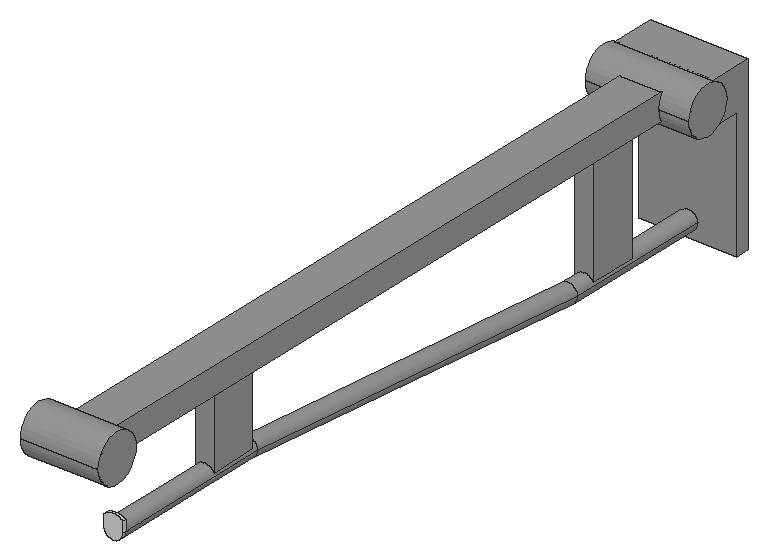
Revit family "KEUCO_34903012837", category Sonderausstattung, Revit 2016
Family settings
  Teiletyp = Normal
  Bemaßung runder Anschluss = Durchmesser verwenden
  Arbeitsebenenbasiert = Nein
  Immer vertikal = Ja
  Beim Laden mit Abzugskörper schneiden = Nein
  Gemeinsam genutzt = Nein
  Raumberechnungspunkt = Nein
Parameters
  Verwendung = "CA / WC"  # constant formula
  URL = "https://www.keuco.com"
  Preisgruppe = "1"  # constant formula
  Materialien bei Hersteller anfragen = "Anfrage zu:  objektmanagement@keuco.de"
  Länge = 850 mm
  Material Regal = Lichtgrau (RAL 7035)
  Serie = "Plan"  # constant formula
  Kategorie = "ACC"  # constant formula
  Hauptmaterial [instance] = Aluminium silber-eloxiert (E6 EV1)
  Hersteller = "KEUCO"  # constant formula
  Gewicht = 382
  Description = "--"
  Ausschreibungstext = ""
  Artikelnummer = "34903012837"
Types (7, lengths in mm): name | URL | Materialien bei Hersteller anfragen | Material Regal | Hauptmaterial | Description | Ausschreibungstext | Artikelnummer
  (no name) | "https://www.keuco.com" | "Anfrage zu:  objektmanagement@keuco.de" | Lichtgrau (RAL 7035) | Aluminium silber-eloxiert (E6 EV1) | "--" | "" | "34903012837"
  34903012837 | "https://www.keuco.com/de/produkte/sortiment/artikel/?pid=34903&oid=9&pgo=1&country=de&lang=de&vid=34903012837" | "Request to:  objektmanagement@keuco.de" | Schwarzgrau (7021) | Verchromt | "linke Ausführung\r\nmit integrierter Funk-WC-Spülauslösung,\r\nkomplett mit Folientaster und Batterie-Stromversorgung\r\n(SL-360 LTC Batterie) passend zu:\r\nGeberit:\r\n115.867.SN.5, 115.869.SN.5, 115.897.00.1, 115.898.00.1\r\nGrohe: 38 759 SD0\r\nSanit: 03.082.00..0000, 03.582.00..0000\r\nTece: 9.240.354, 9.240.355\r\nViega: 696 177\r\nGriff nach oben klappbar, gebremste Ausführung,\r\nAuflagefläche mit Kunststoff ummantelt,\r\nmit abnehmbarem Toilettenpapierhalter (mit Rollenbremse)" | "KEUCO PLAN CARE Stützklappgriff WC 34903012837 \r\nlinke Ausführung mit integrierter \r\nFunk-WC-Spülauslösung komplett mit Folientaster \r\nund Batterie-Stromversorgung (SL-360 LTC Batterie), \r\npassend zu:\r\nGeberit: 115.867.SN.5, 115.869.SN.5, 115.897.00.1, 115.898.00.1\r\nGrohe: 38 759 SD0\r\nSanit: 03.082.00..0000, 03.582.00..0000\r\nTece: 9.240.354, 9.240.355\r\nViega: 696 139, 696 149\r\nhochglanzverchromter Stützklappgriff \r\nmit kunststoffummantelter Auflagefläche \r\nin ästhetischem, funktionalem und ergonomischem Design,\r\nbesonders für den Einsatz im WC-Bereich,\r\nim Unterholm integrierter, \r\nabnehmbarer Toilettenpapierhalter mit Rollenbremse \r\nzur Verwendung handelsüblicher Toilettenpapierrollen,\r\nerfüllt die Anforderungen nach DIN 18040,\r\nklappbare, platzsparende Ausführung mit Absenkbremse,\r\nleicht zu reinigen, antistatisch,\r\nergonomisch günstige, breite Auflagefläche mit rutschsicherer, \r\nschwarzgrauer (RAL 7021) Kunststoffummantelung,\r\nerhabenes, taktil und optisch kontrastierendes Griffstück,\r\nUnterholm als Handtuchhalter nutzbar,\r\nAusladung 850 mm, Höhe 182 mm,\r\nBreite der Wandplatte 94 mm, \r\nBelastbar bis 100 kg am vordersten Punkt gem, DIN 18040,\r\nDer Griff ist Bauart geprüft,\r\nDer Stützklappgriff wird verdeckt angebracht,\r\n\r\nDas Befestigungsmaterial ist separat zu bestellen!\r\n\r\nZur Montage (je nach Ankergrund/Mauerwerk) unbedingt erforderlich:\r\n\r\n2 x Befestigungs-Set 2 (Art.-Nr. 34991000100) oder\r\n2 x Befestigungs-Set 5 (Art.-Nr. 34991000200) oder\r\n2 x Befestigungs-Set 8 (Art.-Nr. 34994000200) oder\r\n1 x Befestigungs-Set 10 (Art.-Nr. 34996000100)" | "34903012837"
  34903012838 | "https://www.keuco.com/de/produkte/sortiment/artikel/?pid=34903&oid=9&pgo=1&country=de&lang=de&vid=34903012838" | "Request to:  objektmanagement@keuco.de" | Lichtgrau (RAL 7035) | Verchromt | "linke Ausführung\r\nmit integrierter Funk-WC-Spülauslösung,\r\nkomplett mit Folientaster und Batterie-Stromversorgung\r\n(SL-360 LTC Batterie) passend zu:\r\nGeberit:\r\n115.867.SN.5, 115.869.SN.5, 115.897.00.1, 115.898.00.1\r\nGrohe: 38 759 SD0\r\nSanit: 03.082.00..0000, 03.582.00..0000\r\nTece: 9.240.354, 9.240.355\r\nViega: 696 177\r\nGriff nach oben klappbar, gebremste Ausführung,\r\nAuflagefläche mit Kunststoff ummantelt,\r\nmit abnehmbarem Toilettenpapierhalter (mit Rollenbremse)" | "KEUCO PLAN CARE Stützklappgriff WC 34903012838 \r\nlinke Ausführung mit integrierter \r\nFunk-WC-Spülauslösung komplett mit Folientaster \r\nund Batterie-Stromversorgung (SL-360 LTC Batterie), \r\npassend zu:\r\nGeberit: 115.867.SN.5, 115.869.SN.5, 115.897.00.1, 115.898.00.1\r\nGrohe: 38 759 SD0\r\nSanit: 03.082.00..0000, 03.582.00..0000\r\nTece: 9.240.354, 9.240.355\r\nViega: 696 139, 696 149\r\nhochglanzverchromter Stützklappgriff \r\nmit kunststoffummantelter Auflagefläche \r\nin ästhetischem, funktionalem und ergonomischem Design,\r\nbesonders für den Einsatz im WC-Bereich,\r\nim Unterholm integrierter, \r\nabnehmbarer Toilettenpapierhalter mit Rollenbremse \r\nzur Verwendung handelsüblicher Toilettenpapierrollen,\r\nerfüllt die Anforderungen nach DIN 18040,\r\nklappbare, platzsparende Ausführung mit Absenkbremse,\r\nleicht zu reinigen, antistatisch,\r\nergonomisch günstige, breite Auflagefläche mit rutschsicherer, \r\nlichtgrauer (RAL 7035) Kunststoffummantelung,\r\nerhabenes, taktil und optisch kontrastierendes Griffstück,\r\nUnterholm als Handtuchhalter nutzbar,\r\nAusladung 850 mm, Höhe 182 mm,\r\nBreite der Wandplatte 94 mm, \r\nBelastbar bis 100 kg am vordersten Punkt gem, DIN 18040,\r\nDer Griff ist Bauart geprüft,\r\nDer Stützklappgriff wird verdeckt angebracht,\r\n\r\nDas Befestigungsmaterial ist separat zu bestellen!\r\n\r\nZur Montage (je nach Ankergrund/Mauerwerk) unbedingt erforderlich:\r\n\r\n2 x Befestigungs-Set 2 (Art.-Nr. 34991000100) oder\r\n2 x Befestigungs-Set 5 (Art.-Nr. 34991000200) oder\r\n2 x Befestigungs-Set 8 (Art.-Nr. 34994000200) oder\r\n1 x Befestigungs-Set 10 (Art.-Nr. 34996000100)" | "34903012838"
  34903012851 | "https://www.keuco.com/de/produkte/sortiment/artikel/?pid=34903&oid=9&pgo=1&country=de&lang=de&vid=34903012851" | "Request to:  objektmanagement@keuco.de" | Weiß (RAL 9010) | Verchromt | "linke Ausführung\r\nmit integrierter Funk-WC-Spülauslösung,\r\nkomplett mit Folientaster und Batterie-Stromversorgung\r\n(SL-360 LTC Batterie) passend zu:\r\nGeberit:\r\n115.867.SN.5, 115.869.SN.5, 115.897.00.1, 115.898.00.1\r\nGrohe: 38 759 SD0\r\nSanit: 03.082.00..0000, 03.582.00..0000\r\nTece: 9.240.354, 9.240.355\r\nViega: 696 177\r\nGriff nach oben klappbar, gebremste Ausführung,\r\nAuflagefläche mit Kunststoff ummantelt,\r\nmit abnehmbarem Toilettenpapierhalter (mit Rollenbremse)" | "KEUCO PLAN CARE Stützklappgriff WC 34903012851 \r\nlinke Ausführung mit integrierter \r\nFunk-WC-Spülauslösung komplett mit Folientaster \r\nund Batterie-Stromversorgung (SL-360 LTC Batterie), \r\npassend zu:\r\nGeberit: 115.867.SN.5, 115.869.SN.5, 115.897.00.1, 115.898.00.1\r\nGrohe: 38 759 SD0\r\nSanit: 03.082.00..0000, 03.582.00..0000\r\nTece: 9.240.354, 9.240.355\r\nViega: 696 139, 696 149\r\nhochglanzverchromter Stützklappgriff \r\nmit kunststoffummantelter Auflagefläche \r\nin ästhetischem, funktionalem und ergonomischem Design,\r\nbesonders für den Einsatz im WC-Bereich,\r\nim Unterholm integrierter, \r\nabnehmbarer Toilettenpapierhalter mit Rollenbremse \r\nzur Verwendung handelsüblicher Toilettenpapierrollen,\r\nerfüllt die Anforderungen nach DIN 18040,\r\nklappbare, platzsparende Ausführung mit Absenkbremse,\r\nleicht zu reinigen, antistatisch,\r\nergonomisch günstige, breite Auflagefläche mit rutschsicherer, \r\nweißer (RAL 9010) Kunststoffummantelung,\r\nerhabenes, taktil und optisch kontrastierendes Griffstück,\r\nUnterholm als Handtuchhalter nutzbar,\r\nAusladung 850 mm, Höhe 182 mm,\r\nBreite der Wandplatte 94 mm, \r\nBelastbar bis 100 kg am vordersten Punkt gem, DIN 18040,\r\nDer Griff ist Bauart geprüft,\r\nDer Stützklappgriff wird verdeckt angebracht,\r\n\r\nDas Befestigungsmaterial ist separat zu bestellen!\r\n\r\nZur Montage (je nach Ankergrund/Mauerwerk) unbedingt erforderlich:\r\n\r\n2 x Befestigungs-Set 2 (Art.-Nr. 34991000100) oder\r\n2 x Befestigungs-Set 5 (Art.-Nr. 34991000200) oder\r\n2 x Befestigungs-Set 8 (Art.-Nr. 34994000200) oder\r\n1 x Befestigungs-Set 10 (Art.-Nr. 34996000100)" | "34903012851"
  34903172837 | "https://www.keuco.com/de/produkte/sortiment/artikel/?pid=34903&oid=9&pgo=1&country=de&lang=de&vid=34903172837" | "Request to:  objektmanagement@keuco.de" | Schwarzgrau (7021) | Aluminium silber-eloxiert (E6 EV1) | "linke Ausführung\r\nmit integrierter Funk-WC-Spülauslösung,\r\nkomplett mit Folientaster und Batterie-Stromversorgung\r\n(SL-360 LTC Batterie) passend zu:\r\nGeberit:\r\n115.867.SN.5, 115.869.SN.5, 115.897.00.1, 115.898.00.1\r\nGrohe: 38 759 SD0\r\nSanit: 03.082.00..0000, 03.582.00..0000\r\nTece: 9.240.354, 9.240.355\r\nViega: 696 177\r\nGriff nach oben klappbar, gebremste Ausführung,\r\nAuflagefläche mit Kunststoff ummantelt,\r\nmit abnehmbarem Toilettenpapierhalter (mit Rollenbremse)" | "KEUCO PLAN CARE Stützklappgriff WC 34903172837\r\nlinke Ausführung mit integrierter \r\nFunk-WC-Spülauslösung komplett mit Folientaster \r\nund Batterie-Stromversorgung (SL-360 LTC Batterie), \r\npassend zu:\r\nGeberit: 115.867.SN.5, 115.869.SN.5, 115.897.00.1, 115.898.00.1\r\nGrohe: 38 759 SD0\r\nSanit: 03.082.00..0000, 03.582.00..0000\r\nTece: 9.240.354, 9.240.355\r\nViega: 696 139, 696 149\r\nStützklappgriff in silber-eloxiertem Aluminium (E6 EV1)\r\nmit kunststoffummantelter Auflagefläche \r\nin ästhetischem, funktionalem und ergonomischem Design,\r\nbesonders für den Einsatz im WC-Bereich,\r\nim Unterholm integrierter, \r\nabnehmbarer Toilettenpapierhalter mit Rollenbremse \r\nzur Verwendung handelsüblicher Toilettenpapierrollen,\r\nerfüllt die Anforderungen nach DIN 18040,\r\nklappbare, platzsparende Ausführung mit Absenkbremse,\r\nleicht zu reinigen, antistatisch,\r\nergonomisch günstige, breite Auflagefläche mit rutschsicherer, \r\nschwarzgrauer (RAL 7021) Kunststoffummantelung,\r\nerhabenes, taktil und optisch kontrastierendes Griffstück,\r\nUnterholm als Handtuchhalter nutzbar,\r\nAusladung 850 mm, Höhe 182 mm,\r\nBreite der Wandplatte 94 mm, \r\nBelastbar bis 100 kg am vordersten Punkt gem, DIN 18040,\r\nDer Griff ist Bauart geprüft,\r\nDer Stützklappgriff wird verdeckt angebracht,\r\n\r\nDas Befestigungsmaterial ist separat zu bestellen!\r\n\r\nZur Montage (je nach Ankergrund/Mauerwerk) unbedingt erforderlich:\r\n\r\n2 x Befestigungs-Set 2 (Art.-Nr. 34991000100) oder\r\n2 x Befestigungs-Set 5 (Art.-Nr. 34991000200) oder\r\n2 x Befestigungs-Set 8 (Art.-Nr. 34994000200) oder\r\n1 x Befestigungs-Set 10 (Art.-Nr. 34996000100)" | "34903172837"
  34903172838 | "https://www.keuco.com/de/produkte/sortiment/artikel/?pid=34903&oid=9&pgo=1&country=de&lang=de&vid=34903172838" | "Request to:  objektmanagement@keuco.de" | Lichtgrau (RAL 7035) | Aluminium silber-eloxiert (E6 EV1) | "linke Ausführung\r\nmit integrierter Funk-WC-Spülauslösung,\r\nkomplett mit Folientaster und Batterie-Stromversorgung\r\n(SL-360 LTC Batterie) passend zu:\r\nGeberit:\r\n115.867.SN.5, 115.869.SN.5, 115.897.00.1, 115.898.00.1\r\nGrohe: 38 759 SD0\r\nSanit: 03.082.00..0000, 03.582.00..0000\r\nTece: 9.240.354, 9.240.355\r\nViega: 696 177\r\nGriff nach oben klappbar, gebremste Ausführung,\r\nAuflagefläche mit Kunststoff ummantelt,\r\nmit abnehmbarem Toilettenpapierhalter (mit Rollenbremse)" | "KEUCO PLAN CARE Stützklappgriff WC 34903172838\r\nlinke Ausführung mit integrierter \r\nFunk-WC-Spülauslösung komplett mit Folientaster \r\nund Batterie-Stromversorgung (SL-360 LTC Batterie), \r\npassend zu:\r\nGeberit: 115.867.SN.5, 115.869.SN.5, 115.897.00.1, 115.898.00.1\r\nGrohe: 38 759 SD0\r\nSanit: 03.082.00..0000, 03.582.00..0000\r\nTece: 9.240.354, 9.240.355\r\nViega: 696 139, 696 149\r\nStützklappgriff in silber-eloxiertem Aluminium (E6 EV1)\r\nmit kunststoffummantelter Auflagefläche \r\nin ästhetischem, funktionalem und ergonomischem Design,\r\nbesonders für den Einsatz im WC-Bereich,\r\nim Unterholm integrierter, \r\nabnehmbarer Toilettenpapierhalter mit Rollenbremse \r\nzur Verwendung handelsüblicher Toilettenpapierrollen,\r\nerfüllt die Anforderungen nach DIN 18040,\r\nklappbare, platzsparende Ausführung mit Absenkbremse,\r\nleicht zu reinigen, antistatisch,\r\nergonomisch günstige, breite Auflagefläche mit rutschsicherer, \r\nlichtgrauer (RAL 7035) Kunststoffummantelung,\r\nerhabenes, taktil und optisch kontrastierendes Griffstück,\r\nUnterholm als Handtuchhalter nutzbar,\r\nAusladung 850 mm, Höhe 182 mm,\r\nBreite der Wandplatte 94 mm, \r\nBelastbar bis 100 kg am vordersten Punkt gem, DIN 18040,\r\nDer Griff ist Bauart geprüft,\r\nDer Stützklappgriff wird verdeckt angebracht,\r\n\r\nDas Befestigungsmaterial ist separat zu bestellen!\r\n\r\nZur Montage (je nach Ankergrund/Mauerwerk) unbedingt erforderlich:\r\n\r\n2 x Befestigungs-Set 2 (Art.-Nr. 34991000100) oder\r\n2 x Befestigungs-Set 5 (Art.-Nr. 34991000200) oder\r\n2 x Befestigungs-Set 8 (Art.-Nr. 34994000200) oder\r\n1 x Befestigungs-Set 10 (Art.-Nr. 34996000100)" | "34903172838"
  34903172851 | "https://www.keuco.com/de/produkte/sortiment/artikel/?pid=34903&oid=9&pgo=1&country=de&lang=de&vid=34903172851" | "Request to:  objektmanagement@keuco.de" | Weiß (RAL 9010) | Aluminium silber-eloxiert (E6 EV1) | "linke Ausführung\r\nmit integrierter Funk-WC-Spülauslösung,\r\nkomplett mit Folientaster und Batterie-Stromversorgung\r\n(SL-360 LTC Batterie) passend zu:\r\nGeberit:\r\n115.867.SN.5, 115.869.SN.5, 115.897.00.1, 115.898.00.1\r\nGrohe: 38 759 SD0\r\nSanit: 03.082.00..0000, 03.582.00..0000\r\nTece: 9.240.354, 9.240.355\r\nViega: 696 177\r\nGriff nach oben klappbar, gebremste Ausführung,\r\nAuflagefläche mit Kunststoff ummantelt,\r\nmit abnehmbarem Toilettenpapierhalter (mit Rollenbremse)" | "KEUCO PLAN CARE Stützklappgriff WC 34903172851\r\nlinke Ausführung mit integrierter \r\nFunk-WC-Spülauslösung komplett mit Folientaster \r\nund Batterie-Stromversorgung (SL-360 LTC Batterie), \r\npassend zu:\r\nGeberit: 115.867.SN.5, 115.869.SN.5, 115.897.00.1, 115.898.00.1\r\nGrohe: 38 759 SD0\r\nSanit: 03.082.00..0000, 03.582.00..0000\r\nTece: 9.240.354, 9.240.355\r\nViega: 696 139, 696 149\r\nStützklappgriff in silber-eloxiertem Aluminium (E6 EV1)\r\nmit kunststoffummantelter Auflagefläche \r\nin ästhetischem, funktionalem und ergonomischem Design,\r\nbesonders für den Einsatz im WC-Bereich,\r\nim Unterholm integrierter, \r\nabnehmbarer Toilettenpapierhalter mit Rollenbremse \r\nzur Verwendung handelsüblicher Toilettenpapierrollen,\r\nerfüllt die Anforderungen nach DIN 18040,\r\nklappbare, platzsparende Ausführung mit Absenkbremse,\r\nleicht zu reinigen, antistatisch,\r\nergonomisch günstige, breite Auflagefläche mit rutschsicherer, \r\nweißer (RAL 9010) Kunststoffummantelung,\r\nerhabenes, taktil und optisch kontrastierendes Griffstück,\r\nUnterholm als Handtuchhalter nutzbar,\r\nAusladung 850 mm, Höhe 182 mm,\r\nBreite der Wandplatte 94 mm, \r\nBelastbar bis 100 kg am vordersten Punkt gem, DIN 18040,\r\nDer Griff ist Bauart geprüft,\r\nDer Stützklappgriff wird verdeckt angebracht,\r\n\r\nDas Befestigungsmaterial ist separat zu bestellen!\r\n\r\nZur Montage (je nach Ankergrund/Mauerwerk) unbedingt erforderlich:\r\n\r\n2 x Befestigungs-Set 2 (Art.-Nr. 34991000100) oder\r\n2 x Befestigungs-Set 5 (Art.-Nr. 34991000200) oder\r\n2 x Befestigungs-Set 8 (Art.-Nr. 34994000200) oder\r\n1 x Befestigungs-Set 10 (Art.-Nr. 34996000100)" | "34903172851"
Reference planes
  plane 1 "Center (Front/Back)": y = 0
  plane 2: z = 0
  plane 3 "Center (Left/Right)": x = 0
  plane 4: y = -850
Forms (mm)
  Extrusion 1, solid, material "Aluminium silber-eloxiert (E6 EV1)" <- "Hauptmaterial"
    sketch origin (0, 0, 0) x (0, 1, 0) y (0, 0, 1)
      loop
        line (0, 0) -> (-47.687, 0)
        arc (-47.687, 0) -> (-32.599, -21.906) -> (-45.797, -45) r 24.99
        line (-45.797, -45) -> (-15, -45) -> (-15, -182) -> (0, -182) -> (0, 0)
    from -51.961 to 52.039
  Extrusion 2, solid, material "Aluminium silber-eloxiert (E6 EV1)" <- "Hauptmaterial"
    sketch origin (0, 0, 0) x (0, 1, 0) y (0, 0, 1)
      loop
        circle (-57.577, -22.949) r 25
    from -55 to 55
  Sweep 3, solid, material "Aluminium silber-eloxiert (E6 EV1)" <- "Hauptmaterial"
    path origin (0, 0, 0) x (0, 1, 0) y (0, 0, 1)
      loop
        line (-15, -165) -> (-175, -165) -> (-600.105, -124.783) -> (-775.105, -124.783)
    profile origin (0, -95, -165) x (0, 0, -1) y (1, 0, 0)
      loop
        circle (0, 0) r 10
  Extrusion 4, solid, material "Aluminium silber-eloxiert (E6 EV1)" <- "Hauptmaterial"
    sketch origin (0, 115, -0.296) x (0, 1, 0) y (0, 0, 1)
      loop
        line (-722.232, -35.954) -> (-772.232, -35.954) -> (-772.232, -119.905) -> (-722.232, -119.905) -> (-722.232, -35.954)
    from -9.903 to 10.234
  Extrusion 5, solid, material "Aluminium silber-eloxiert (E6 EV1)" <- "Hauptmaterial"
    sketch origin (0, 0.625, -1.25) x (0, 1, 0) y (0, 0, 1)
      loop
        arc (-79.37, -35) -> (-83.19, -20.919) -> (-78.499, -7.103) r 25
        line (-78.499, -7.103) -> (-804.822, -7.103)
        arc (-804.822, -7.103) -> (-800.693, -21.052) -> (-804.822, -35) r 25.625
        line (-804.822, -35) -> (-79.37, -35)
    from -21.729 to 22.388
  Extrusion 6, solid, material "Aluminium silber-eloxiert (E6 EV1)" <- "Hauptmaterial"
    sketch origin (0, 1.719, 0) x (0, 1, 0) y (0, 0, 1)
      loop
        circle (-826.786, -22.107) r 25
    from -41.756 to 41.031
  Extrusion 7, solid, material "Lichtgrau (RAL 7035)" <- "Material Regal"
    sketch origin (0, 0, 0) x (1, 0, 0) y (0, 0, 1)
      loop
        arc (-10, -124.783) -> (0, -134.783) -> (10, -124.783) r 10
        line (10, -124.783) -> (10, -113.431)
        arc (10, -113.431) -> (0, -109.848) -> (-10, -113.431) r 15.747
        line (-10, -113.431) -> (-10, -124.783)
    from 775.105 to 778.551
  Extrusion 8, solid, material "Aluminium silber-eloxiert (E6 EV1)" <- "Hauptmaterial"
    sketch origin (0, 0.067, -0.296) x (0, 1, 0) y (0, 0, 1)
      loop
        line (-103.067, -35.954) -> (-153.067, -35.954) -> (-153.067, -159.704) -> (-103.067, -159.704) -> (-103.067, -35.954)
    from -9.903 to 10.234
Cuts and joins
  joined: Sweep 3, Extrusion 4, Extrusion 8
Lines and regions (mm)
  symbolic lines, style "SpecialityEquipment"
    curve 1: line (-55, -82.577, 0) -> (55.097, -82.577, 0)
    curve 2: line (-55, 0, 0) -> (-55, -82.577, 0)
    curve 3: line (55.097, 0, 0) -> (-55, 0, 0)
    curve 4: line (55.097, -82.577, 0) -> (55.097, 0, 0)
    curve 5: line (-21.729, -82.577, 0) -> (-21.729, -805.91, 0)
    curve 6: line (-21.729, -805.91, 0) -> (22.388, -805.91, 0)
    curve 7: line (22.388, -805.91, 0) -> (22.388, -82.577, 0)
Dimensions and locks
  plane 4 to plane 1 "Center (Front/Back)" = 850 mm
  "Länge": plane 1 "Center (Front/Back)" to plane 4
  locked: Extrusion 4 to plane 4 at 242.768
  locked: Extrusion 4 to Extrusion 4 at 50
  Extrusion 7 to Extrusion 7 to plane 4 = 3.446 mm locked, 71.449 mm locked
  plane 1 "Center (Front/Back)" to Extrusion 8 to Extrusion 8 = 103 mm locked, 50 mm locked
  aligned and locked: level to plane 2
Automatic sketch dimensions
  plane 1 "Center (Front/Back)" to curve 3 = 0 mm
  curve 1 to plane 3 "Center (Left/Right)" = 55 mm
  curve 6 to plane 3 "Center (Left/Right)" = 21.729 mm
  plane 3 "Center (Left/Right)" to curve 7 = 22.388 mm
  plane 3 "Center (Left/Right)" to curve 3 = 55.097 mm
  plane 1 "Center (Front/Back)" to curve 2 = 82.577 mm
  plane 4 to curve 6 = 44.09 mm
  Extrusion 1 sketch curve to level = 0 mm
  Extrusion 1 sketch curve to plane 1 "Center (Front/Back)" = 0 mm
  plane 1 "Center (Front/Back)" to Extrusion 1 sketch curve = 15 mm
  Extrusion 1 sketch curve to Extrusion 1 sketch curve = 30.797 mm
  Extrusion 1 sketch curve to Extrusion 1 sketch curve = 1.89 mm
  Extrusion 1 sketch curve to Extrusion 1 sketch curve = 9.88 mm
  Extrusion 1 sketch curve to level = 22.955 mm
  Extrusion 1 sketch curve to Extrusion 1 sketch curve = 137 mm
  Extrusion 2 sketch curve to level = 22.949 mm
  plane 1 "Center (Front/Back)" to Extrusion 2 sketch curve = 57.577 mm
  Sweep 3 sketch curve to level = 124.783 mm
  plane 4 to Sweep 3 sketch curve = 249.895 mm
  plane 1 "Center (Front/Back)" to Sweep 3 sketch curve = 175 mm
  Sweep 3 sketch curve to level = 165 mm
  plane 4 to Sweep 3 sketch curve = 74.895 mm
  plane 1 "Center (Front/Back)" to Sweep 3 sketch curve = 15 mm
  Sweep 3 sketch curve to plane 3 "Center (Left/Right)" = 0 mm
  Sweep 3 sketch curve to profile plane = 0 mm
  Extrusion 4 sketch curve to level = 36.25 mm
  plane 4 to Extrusion 4 sketch curve = 192.768 mm
  Extrusion 4 sketch curve to Extrusion 4 sketch curve = 50 mm
  Extrusion 4 sketch curve to Extrusion 4 sketch curve = 83.951 mm
  plane 4 to Extrusion 5 sketch curve = 24.307 mm
  Extrusion 5 sketch curve to level = 8.353 mm
  Extrusion 5 sketch curve to Extrusion 5 sketch curve = 21.496 mm  (x2)
  Extrusion 5 sketch curve to level = 36.25 mm
  plane 1 "Center (Front/Back)" to Extrusion 5 sketch curve = 78.745 mm
  Extrusion 5 sketch curve to Extrusion 5 sketch curve = 0.871 mm
  Extrusion 5 sketch curve to level = 22.949 mm
  plane 4 to Extrusion 6 sketch curve = 24.932 mm
  Extrusion 6 sketch curve to level = 22.107 mm
  Extrusion 7 sketch curve to plane 3 "Center (Left/Right)" = 10 mm
  Extrusion 7 sketch curve to plane 3 "Center (Left/Right)" = 0 mm  (x2)
  Extrusion 7 sketch curve to level = 125.595 mm
  Extrusion 7 sketch curve to Extrusion 7 sketch curve = 0.812 mm
  Extrusion 7 sketch curve to Extrusion 7 sketch curve = 11.352 mm
  Extrusion 8 sketch curve to level = 36.25 mm
  plane 1 "Center (Front/Back)" to Extrusion 8 sketch curve = 153 mm
  Extrusion 8 sketch curve to Extrusion 8 sketch curve = 50 mm
  Extrusion 8 sketch curve to Extrusion 8 sketch curve = 123.75 mm
  radius of Extrusion 2 sketch curve = 25 mm
  radius of Sweep 3 sketch curve = 10 mm
  radius of Extrusion 6 sketch curve = 25 mm
